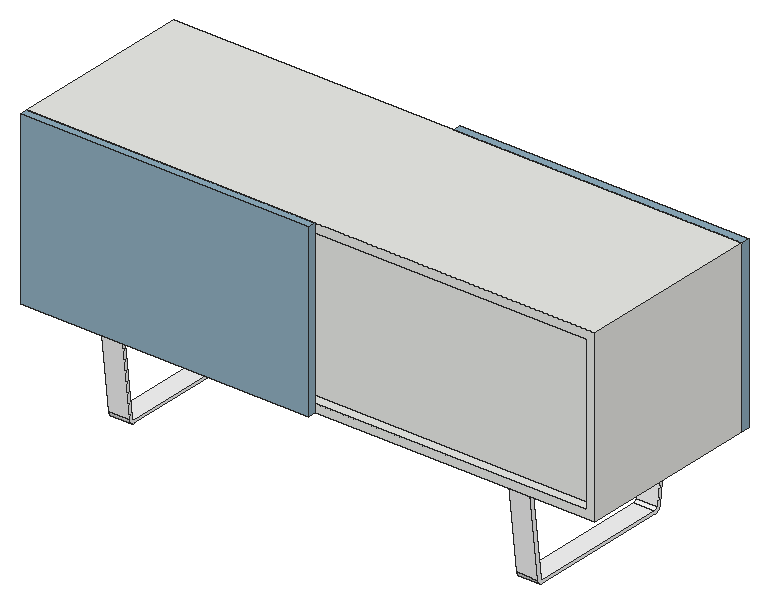
Revit family "Storage-Mounted-Teknion-JNMELF-Overlay_Sliding_Fabric_Door-R2018", category Furniture, Revit 2018
Family settings
  OmniClass Number = 23.40.20.00
  OmniClass Title = General Furniture and Specialties
  Work Plane-Based = No
  Always vertical = Yes
  Cut with Voids When Loaded = No
  Shared = Yes
  Room Calculation Point = No
Parameters (values of type "Shared")
  Width [instance] = 48.000"
  Warranty = "http://www.teknion.com/ca/papers/legal-canada"
  Unit Weight URL = "http://www.teknion.com/ca/tools/assets#&asset=bee6a381-b954-425e-8283-5a2de3a804f2,f828d448-4b62-4231-9e5f-9a8991c0ed77"
  URL = "www.teknion.com"
  Sustainability Data = "http://www.teknion.com/ca/tools/assets#&topic=216f99a5-57a0-44fc-b10a-9dee9b29ae4c&asset=444deb64-fe58-4b68-981e-f75e97781df7"
  Support Frame Finish [instance] = Mica - Teknion - V - Satin - Very White
  Single-Sided - Two Doors = no
  Single-Sided - Two Doors Lock Hole Depth = if([Single-Sided - Two Doors], 4.534", 2.500")  # 2.500"
  Single-Sided - One Door = no
  Single Cutout Offset Top [instance] = if(not(Shared), 13.659", 16.360")  # 16.360"
  Single Cutout Offset [instance] = if(not(Shared), 12.958", 1.000")  # 1.000"
  Shared Cutout Offset Top [instance] = if(Shared, 13.659", 16.360")  # 13.659"
  Shared Cutout Offset [instance] = if(Shared, 12.958", 1.000")  # 12.958"
  Shared = if(or([Single-Sided - One Door], [Single-Sided - Two Doors]), 1 > 2, 1 < 2)  # yes
  Series = "Cityline"  # constant formula
  Pull Finish [instance] = Mica - Teknion - V - Satin - Very White
  Product Page URL = "https://www.teknion.com/ca/products/product-details?productlineid=9ad2a26e-8e7a-673b-a6c8-ff05004460c4"
  Product Line = "Cityline"  # constant formula
  Product Documentation Link = "https://www.teknion.com/pricing/expansion-cityline/pdfs/JNMELF_ppg.pdf"
  Part Number = "JNMELF"  # constant formula
  Overlay Door Frame Finish [instance] = Mica - Teknion - V - Satin - Very White
  Overlay Door Finish [instance] = Fabric - Teknion - Heather Tech - R258 - Clear Tech
  Single-Sided - Two Doors Hole Depth = if([Single-Sided - Two Doors], 17.810", if([Single-Sided - One Door], 17.810", 3.866"))  # 3.866"
  Model = "JNMELFA22_D_"
  Middle Divider Offset [instance] = if([Single-Sided - One Door], 0.866", 1.578")  # 1.578"
  Manufacturer Phone = "416-661-3370"  # constant formula
  Manufacturer Fax = "416.661.4586"  # constant formula
  Manufacturer Contact Information = "http://www.teknion.com/ca/contactus"
  Manufacturer Address = "1150 Flint Road, Toronto, ON. M3J 2J5. Canada"  # constant formula
  Manufacturer = "Teknion"  # constant formula
  Left Door Hole Depth = if(Shared, 18.511", if([Single-Sided - One Door], 17.810", 17.810"))  # 18.511"
  Description = "Elevated Cabinet – Overlay Sliding Door – Fabric, Angled, for Datum Height 51\", Shared"
  Case and Inset Door Finish [instance] = Laminate - Teknion - RV - Very White
  Back Face of Middle Divider Offset = if(Shared, 1.567", 0.701")  # 1.567"
  Available Widths [instance] = "48 to 84 inches in 6 inch increments."  # constant formula
  Assembly Code = "E2020200"
  2D Visibility for Right Door = or(Shared, [Single-Sided - Two Doors])  # yes
  2D Visibility for Back Gable = or([Single-Sided - One Door], [Single-Sided - Two Doors])  # no
Types (4): name | Single-Sided - Two Doors | Single-Sided - Two Doors Lock Hole Depth | Single-Sided - One Door | Single Cutout Offset Top | Single Cutout Offset | Shared Cutout Offset Top | Shared Cutout Offset | Shared | Single-Sided - Two Doors Hole Depth | Model | Middle Divider Offset | Left Door Hole Depth | Description | Back Face of Middle Divider Offset | 2D Visibility for Right Door | 2D Visibility for Back Gable
  (no name) | no | 2.500" | no | 16.360" | 1.000" | 13.659" | 12.958" | yes | 3.866" | "JNMELFA22_D_" | 1.578" | 18.511" | "Elevated Cabinet – Overlay Sliding Door – Fabric, Angled, for Datum Height 51\", Shared" | 1.567" | yes | no
  Shared | no | 2.500" | no | 16.360" | 1.000" | 13.659" | 12.958" | yes | 3.866" | "JNMELFA22_D_" | 1.578" | 18.511" | "Elevated Cabinet – Overlay Sliding Door – Fabric, Angled, for Datum Height 51\", Shared" | 1.567" | yes | no
  Single-Sided - One Door | no | 2.500" | yes | 13.659" | 12.958" | 16.360" | 1.000" | no | 17.810" | "JNMELFA22_O_" | 0.866" | 17.810" | "Elevated Cabinet – Overlay Sliding Door – Fabric, Angled, for Datum Height 51\", Single-Sided - One Door" | 0.701" | no | yes
  Single-Sided - Two Doors | yes | 4.534" | no | 13.659" | 12.958" | 16.360" | 1.000" | no | 17.810" | "JNMELFA22_T_" | 1.578" | 17.810" | "Elevated Cabinet – Overlay Sliding Door – Fabric, Angled, for Datum Height 51\", Single-Sided - Two Doors" | 0.701" | yes | yes
Reference planes (in)
  plane 1 "Center Front/Back": y = 0
  plane 2: z = 0
  plane 3 "Center Left/Right": x = 0
  plane 4 "Left": x = -24
  plane 5 "Right": x = 24
  plane 6 "Back": y = 7.75543
  plane 7 "Front": y = -7.75543
  plane 8 "Top": z = 50.83
  plane 9: x = -16.36417
  plane 10: x = -18.13583
  plane 11: x = 18.13583
  plane 12: x = 16.36417
  plane 13: x = -23.29921
  plane 14: x = 23.29921
  plane 15: y = -6.88943
  plane 16: y = -6.17765
  plane 17: y = 6.1885
  plane 18: y = 6.88928
  plane 19: x = 0.35039
  plane 20: x = -0.35039
  plane 21: y = -8.44536
  plane 22: y = 8.45621
  plane 23: z = 36.47
  plane 24: z = 29
  plane 25: z = 50.12921
  plane 26: z = 37.17079
  plane 27: y = -8.09103
  plane 28: y = 8.10188
  plane 29: z = 48.8615
  plane 30: z = 38.4385
  plane 31: y = -8.25638
  plane 32: y = -8.32725
  plane 33: y = 8.26721
  plane 34: y = 8.3381
  plane 35: z = 50.12921
  plane 36: y = -10.75543
  plane 37: y = -6.23195
  plane 38: y = -6.38234
  plane 39: z = 50.129
  plane 40: z = 37.171
  plane 41: y = -6.17743
  plane 42: z = 52.83
  plane 43: z = 51.83
Forms (in)
  Extrusion 1, solid, material "Mica - Teknion - V - Satin - Very White" <- "Support Frame Finish"
    sketch origin (-18.13583, -7.29566, 48) x (0, -1, 0) y (0, 0, 1)
      loop
        line (0, -11.53) -> (-14.60218, -11.53) -> (-13.7374, -18.57303)
        arc (-13.7374, -18.57303) -> (-13.57699, -18.87794) -> (-13.25481, -19) r 0.48622
        line (-13.25481, -19) -> (-1.34737, -19)
        arc (-1.34737, -19) -> (-1.02519, -18.87794) -> (-0.86478, -18.57303) r 0.48622
        line (-0.86478, -18.57303) -> (0, -11.53)
      loop
        line (-14.3358, -11.64811) -> (-13.49075, -18.53047)
        arc (-13.49075, -18.53047) -> (-13.40827, -18.68724) -> (-13.24262, -18.75) r 0.25
        line (-13.24262, -18.75) -> (-1.35956, -18.75)
        arc (-1.35956, -18.75) -> (-1.19391, -18.68724) -> (-1.11143, -18.53047) r 0.25
        line (-1.11143, -18.53047) -> (-0.26638, -11.64811) -> (-14.3358, -11.64811)
    from 0 to -1.77165
  Extrusion 2, solid, material "Mica - Teknion - V - Satin - Very White" <- "Support Frame Finish"
    sketch origin (18.13583, -7.29566, 48) x (0, -1, 0) y (0, 0, 1)
      loop
        line (-13.24262, -18.75) -> (-1.35956, -18.75)
        arc (-1.35956, -18.75) -> (-1.19391, -18.68724) -> (-1.11143, -18.53047) r 0.25
        line (-1.11143, -18.53047) -> (-0.26638, -11.64811) -> (-14.3358, -11.64811) -> (-13.49075, -18.53047)
        arc (-13.49075, -18.53047) -> (-13.40827, -18.68724) -> (-13.24262, -18.75) r 0.25
      loop
        line (0, -11.53) -> (-14.60218, -11.53) -> (-13.7374, -18.57303)
        arc (-13.7374, -18.57303) -> (-13.57699, -18.87794) -> (-13.25481, -19) r 0.48622
        line (-13.25481, -19) -> (-1.34737, -19)
        arc (-1.34737, -19) -> (-1.02519, -18.87794) -> (-0.86478, -18.57303) r 0.48622
        line (-0.86478, -18.57303) -> (0, -11.53)
    from 0 to 1.77165
  Extrusion 3, solid, material "Laminate - Teknion - RV - Very White" <- "Case and Inset Door Finish"
    sketch origin (0, 0, 0) x (1, 0, 0) y (0, 1, 0)
      loop
        line (-24, 7.75543) -> (-24, -7.75543) -> (24, -7.75543) -> (24, 7.75543) -> (-24, 7.75543)
    from 36.47 to 50.83
  Extrusion 4, solid, material "Laminate - Teknion - RV - Very White" <- "Case and Inset Door Finish", visible <- "Shared"
    sketch origin (0, 0, 0) x (1, 0, 0) y (0, 1, 0)
      loop
        line (0.35039, 6.88928) -> (-23.29921, 6.88928) -> (-23.29921, 6.1885) -> (0.35039, 6.1885) -> (0.35039, 6.88928)
    from 37.17079 to 50.12921
  Extrusion 5, solid, material "Laminate - Teknion - RV - Very White" <- "Case and Inset Door Finish", visible <- "2D Visibility for Right Door"
    sketch origin (22.94882, -13.06693, 0) x (1, 0, 0) y (0, 1, 0)
      loop
        line (0.35039, 6.88928) -> (-23.29921, 6.88928) -> (-23.29921, 6.1775) -> (0.35039, 6.1775) -> (0.35039, 6.88928)
    from 37.17079 to 50.12921
  Extrusion 6, solid, material "Fabric - Teknion - Heather Tech - R258 - Clear Tech" <- "Overlay Door Finish"
    sketch origin (0, 0, 0) x (1, 0, 0) y (0, 0, 1)
      loop
        line (-24, 50.83) -> (-24, 36.47) -> (0.35039, 36.47) -> (0.35039, 50.83) -> (-24, 50.83)
    from 8.44536 to 7.75543
  Extrusion 7, solid, material "Fabric - Teknion - Heather Tech - R258 - Clear Tech" <- "Overlay Door Finish", visible <- "Shared"
    sketch origin (0, 0, 0) x (-1, 0, 0) y (0, 0, 1)
      loop
        line (-24, 50.83) -> (-24, 36.47) -> (0.35039, 36.47) -> (0.35039, 50.83) -> (-24, 50.83)
    from 8.45621 to 7.75543
  Extrusion 8, void
    sketch origin (23.29921, -10.75543, 48) x (-1, 0, 0) y (0, 0, 1)
      loop
        circle (1.24931, -4.35165) r 0.515
    from 0 to 2.5
  Extrusion 9, solid, material "Mica - Teknion - V - Satin - Very White" <- "Pull Finish", visible <- "Single-Sided - Two Doors"
    sketch origin (23.29921, -10.75543, 48) x (1, 0, 0) y (0, 0, 1)
      loop
        circle (-1.24931, -4.35165) r 0.515
      loop
        circle (-1.24931, -4.35165) r 0.44
    from -4.52348 to -3.866
  Extrusion 10, solid, material "Mica - Teknion - V - Satin - Very White" <- "Pull Finish", visible <- "Single-Sided - Two Doors"
    sketch origin (23.29921, -10.75543, 48) x (1, 0, 0) y (0, 0, 1)
      loop
        circle (-1.24931, -4.35165) r 0.44
    from -4.52348 to -4.37309
  Extrusion 11, void
    sketch origin (0, 0, 0) x (1, 0, 0) y (0, 1, 0)
      loop
        line (0.35039, 6.1885) -> (-0.35039, 6.1885) -> (-0.35039, -6.17765) -> (0.35039, -6.17765) -> (0.35039, 6.1885)
      loop
        line (23.29921, 7.75543) -> (-23.29921, 7.75543) -> (-23.29921, -7.75543) -> (23.29921, -7.75543) -> (23.29921, 7.75543)
    from 37.171 to 50.129
  Extrusion 12, void
    sketch origin (0, 0, 0) x (1, 0, 0) y (0, 1, 0)
      loop
        line (-23.29921, 6.88928) -> (-23.29921, -10.75543) -> (23.29921, -10.75543) -> (23.29921, 6.88928) -> (0.35039, 6.88928) -> (0.35039, -6.17743) -> (-0.35039, -6.17743) -> (-0.35039, 6.88928) -> (-23.29921, 6.88928)
    from 51.83 to 52.83
Cuts and joins
  Extrusion 8 cuts Extrusion 5
  Extrusion 8, Extrusion 11, Extrusion 12 cuts Extrusion 3
Lines and regions (in)
  Masking region 1
    outline origin (0, 0, 0) x (1, 0, 0) y (0, 1, 0)
      loop
        line (-24, 7.75543) -> (-24, -7.75543) -> (24, -7.75543) -> (24, 7.75543) -> (-24, 7.75543)
  Masking region 2, visible <- "Shared"
    outline origin (0, 0, 0) x (1, 0, 0) y (0, 1, 0)
      loop
        line (24, 8.45621) -> (-0.35039, 8.45621) -> (-0.35039, 7.75543) -> (24, 7.75543) -> (24, 8.45621)
  Masking region 3
    outline origin (0, 0, 0) x (1, 0, 0) y (0, 1, 0)
      loop
        line (-24, -7.75543) -> (-24, -8.44536) -> (0.35039, -8.44536) -> (0.35039, -7.75543) -> (-24, -7.75543)
  symbolic lines, style "FurnitureHiddenLines", detail levels medium+fine
    curve 1: line (-18.13583, 7.30652, 0) -> (-18.13583, -7.29566, 0)
    curve 2: line (-16.36417, -7.29566, 0) -> (-16.36417, 7.30652, 0)
    curve 3: line (-18.13583, 7.30652, 0) -> (-16.36417, 7.30652, 0)
    curve 4: line (-16.36417, -7.29566, 0) -> (-18.13583, -7.29566, 0)
    curve 5: line (18.13583, -7.29566, 0) -> (18.13583, 7.30652, 0)
    curve 6: line (18.13583, 7.30652, 0) -> (16.36417, 7.30652, 0)
    curve 7: line (16.36417, 7.30652, 0) -> (16.36417, -7.29566, 0)
    curve 8: line (18.13583, -7.29566, 0) -> (16.36417, -7.29566, 0)
    curve 17: line (-23.29921, 7.75543, 0) -> (-23.29921, -7.74457, 0)
    curve 18: line (23.29921, 7.75543, 0) -> (23.29921, -7.74457, 0)
    curve 19: line (0.35039, -6.17743, 0) -> (0.35039, 6.88928, 0)
    curve 20: line (0.35039, 6.88928, 0) -> (-0.35039, 6.88928, 0)
    curve 21: line (-0.35039, 6.88928, 0) -> (-0.35039, -6.17743, 0)
    curve 43: line (-0.35039, -6.17743, 0) -> (0.35039, -6.17743, 0)
  symbolic lines, style "FurnitureHiddenLines", visible <- "Shared", detail levels medium+fine
    curve 9: line (0.35039, 6.88928, 0) -> (-23.29921, 6.88928, 0)
    curve 10: line (-23.29921, 6.1885, 0) -> (0.35039, 6.1885, 0)
    curve 15: line (0.35039, 6.1885, 0) -> (0.35039, 6.88928, 0)
    curve 16: line (-23.29921, 6.88928, 0) -> (-23.29921, 6.1885, 0)
  symbolic lines, style "FurnitureHiddenLines", visible <- "2D Visibility for Right Door", detail levels medium+fine
    curve 11: line (23.29921, -6.17765, 0) -> (-0.35039, -6.17765, 0)
    curve 12: line (-0.35039, -6.88943, 0) -> (23.29921, -6.88943, 0)
    curve 13: line (23.29921, -6.88943, 0) -> (23.29921, -6.17765, 0)
    curve 14: line (-0.35039, -6.17765, 0) -> (-0.35039, -6.88943, 0)
  symbolic lines, style "FurnitureHiddenLines", visible <- "2D Visibility for Back Gable", detail levels medium+fine
    curve 22: line (23.29921, 6.88928, 0) -> (-23.29921, 6.88928, 0)
  symbolic lines, style "FurnitureHiddenLines", detail levels fine
    curve 23: line (-23.94094, -8.32725, 0) -> (0.29134, -8.32725, 0)
    curve 24: line (0.29134, -8.09103, 0) -> (-23.94094, -8.09103, 0)
    curve 25: line (0.29134, -7.75543, 0) -> (0.29134, -8.44536, 0)
    curve 26: line (-0.35039, -8.09103, 0) -> (-0.35039, -7.75543, 0)
    curve 27: line (-1.61811, -7.75543, 0) -> (-1.61811, -8.09103, 0)
    curve 28: line (-23.29921, -7.74457, 0) -> (-23.29921, -8.09103, 0)
    curve 29: line (-22.0315, -8.09103, 0) -> (-22.0315, -7.75543, 0)
    curve 30: line (-23.94094, -8.44536, 0) -> (-23.94094, -7.75543, 0)
  symbolic lines, style "FurnitureHiddenLines", visible <- "Single-Sided - Two Doors", detail levels fine
    curve 31: line (22.5649, -6.23195, 0) -> (21.5349, -6.23195, 0)
    curve 32: line (21.5349, -6.23195, 0) -> (21.5349, -6.88943, 0)
    curve 33: line (21.5349, -6.88943, 0) -> (22.5649, -6.88943, 0)
    curve 34: line (22.5649, -6.88943, 0) -> (22.5649, -6.23195, 0)
  symbolic lines, style "FurnitureHiddenLines", visible <- "Shared", detail levels fine
    curve 35: line (23.94094, 8.3381, 0) -> (-0.29134, 8.3381, 0)
    curve 36: line (-0.29134, 8.10188, 0) -> (23.94094, 8.10188, 0)
    curve 37: line (-0.29134, 7.75543, 0) -> (-0.29134, 8.45621, 0)
    curve 38: line (0.35039, 8.10188, 0) -> (0.35039, 7.75543, 0)
    curve 39: line (1.61811, 7.75543, 0) -> (1.61811, 8.10188, 0)
    curve 40: line (22.0315, 8.10188, 0) -> (22.0315, 7.75543, 0)
    curve 41: line (23.94094, 8.45621, 0) -> (23.94094, 7.75543, 0)
    curve 42: line (23.29921, 7.75543, 0) -> (23.29921, 8.10188, 0)
  reference lines, not visible
    curve 44: line (-24, 7.75543, 0) -> (-24, -7.75543, 0)
    curve 45: line (24, 7.75543, 0) -> (24, -7.75543, 0)
    curve 46: line (-24, -8.44536, 0) -> (0.35039, -8.44536, 0)
    curve 47: line (-24, -7.75543, 0) -> (24, -7.75543, 0)
    curve 48: line (-24, 7.75543, 0) -> (24, 7.75543, 0)
    curve 49: line (-0.35039, 8.45621, 0) -> (24, 8.45621, 0)
Dimensions and locks (in)
  "Width": plane 4 "Left" to plane 5 "Right"
  locked: plane 6 "Back" to plane 7 "Front" at 15.51085
  locked: plane 8 "Top" to level at 50.83
  equal spacing: plane 7 "Front", plane 1 "Center Front/Back", plane 6 "Back"
  equal spacing: plane 4 "Left", plane 3 "Center Left/Right", plane 5 "Right"
  plane 12 to plane 11 to plane 5 "Right" = 1.77165" locked, 5.86417" locked
  plane 4 "Left" to plane 10 to plane 9 = 5.86417" locked, 1.77165" locked
  locked: plane 4 "Left" to plane 13 at 0.70079
  locked: plane 14 to plane 5 "Right" at 0.70079
  plane 17 to plane 18 to plane 6 "Back" = 0.70079" locked, 0.86614" locked
  plane 20 to plane 3 "Center Left/Right" to plane 19 = 0.35039" locked, 0.35039" locked
  plane 7 "Front" to plane 15 to plane 16 = 0.866", 0.71178"
  locked: plane 7 "Front" to plane 21 at 0.68994
  locked: plane 22 to plane 6 "Back" at 0.70079
  locked: plane 8 "Top" to plane 23 at 14.36
  locked: plane 23 to plane 24 at 7.47
  Extrusion 1 sketch curve to Extrusion 1 sketch curve to Extrusion 1 sketch curve to plane 1 "Center Front/Back" to Extrusion 1 sketch curve to Extrusion 1 sketch curve to Extrusion 1 sketch curve to Extrusion 1 sketch curve = 1.34737", 0.01219", 5.94695", 5.9361", 0.01219", 1.08099", 0.26638"
  locked: plane 23 to Extrusion 1 sketch curve at 0.11811
  Extrusion 2 sketch curve to Extrusion 2 sketch curve to Extrusion 2 sketch curve to Extrusion 2 sketch curve to plane 1 "Center Front/Back" to Extrusion 2 sketch curve to Extrusion 2 sketch curve to Extrusion 2 sketch curve to Extrusion 2 sketch curve = 0.26638", 1.08099", 0.01219", 5.9361", 5.94695", 0.01219", 1.08099", 0.26638"
  locked: plane 23 to Extrusion 2 sketch curve at 0.11811
  Extrusion 2 sketch curve to Extrusion 2 sketch curve to Extrusion 2 sketch curve to Extrusion 2 sketch curve to plane 24 = 0.000" locked, 0.01378" locked, 0.000" locked, 0.48622" locked
  locked: plane 8 "Top" to plane 25 at 0.70079
  locked: plane 26 to plane 23 at 0.70079
  locked: plane 27 to plane 21 at 0.35433
  locked: plane 30 to plane 23 at 1.9685
  locked: plane 8 "Top" to plane 29 at 1.9685
  locked: plane 31 to plane 21 at 0.18898
  locked: plane 31 to plane 32 at 0.07087
  plane 22 to plane 34 to plane 33 = 0.11811" locked, 0.07089" locked
  locked: plane 8 "Top" to plane 35 at 0.70079
  locked: plane 36 to plane 7 "Front" at 3
  locked: Extrusion 8 sketch curve to plane 5 "Right" at 1.9501
  locked: plane 8 "Top" to Extrusion 8 sketch curve at 7.18165
  plane 15 to plane 38 to plane 37 = 0.50709" locked, 0.15039" locked
  locked: Extrusion 9 sketch curve to plane 5 "Right" at 1.9501
  locked: plane 8 "Top" to Extrusion 9 sketch curve at 7.18165
  "Single-Sided - Two Doors Lock Hole Depth": plane 36 to Extrusion 8
  "Shared Cutout Offset Top": plane 39 to plane 23
  "Shared Cutout Offset": plane 39 to plane 40
  "Single Cutout Offset Top": plane 42 to plane 23
  "Single Cutout Offset": plane 42 to plane 43
  "Middle Divider Offset": plane 7 "Front" to plane 41
  aligned and locked: level to plane 2
  aligned and locked: Extrusion 1 to plane 9
  aligned and locked: plane 10 to Extrusion 1
  aligned and locked: plane 23 to Extrusion 2 sketch curve
  aligned and locked: Extrusion 2 sketch curve to plane 24
  aligned and locked: plane 12 to Extrusion 2
  aligned and locked: Extrusion 2 to plane 11
  aligned and locked: Extrusion 3 sketch curve to plane 6 "Back"
  aligned and locked: Extrusion 3 sketch curve to plane 7 "Front"
  aligned and locked: Extrusion 3 sketch curve to plane 4 "Left"
  aligned and locked: Extrusion 3 sketch curve to plane 5 "Right"
  aligned and locked: plane 8 "Top" to Extrusion 3
  aligned and locked: Extrusion 3 to plane 23
  aligned and locked: Extrusion 4 sketch curve to plane 18
  aligned and locked: Extrusion 4 sketch curve to plane 17
  aligned and locked: Extrusion 4 sketch curve to plane 19
  aligned and locked: Extrusion 4 sketch curve to plane 13
  aligned and locked: plane 25 to Extrusion 4
  aligned and locked: Extrusion 4 to plane 26
  aligned and locked: Extrusion 5 to plane 20
  aligned and locked: Extrusion 5 to plane 14
  aligned and locked: Extrusion 5 to plane 16
  aligned and locked: plane 15 to Extrusion 5
  aligned and locked: Extrusion 6 sketch curve to plane 4 "Left"
  aligned and locked: Extrusion 6 sketch curve to plane 8 "Top"
  aligned and locked: Extrusion 6 sketch curve to plane 19
  aligned and locked: Extrusion 6 sketch curve to plane 23
  aligned and locked: plane 21 to Extrusion 6
  aligned and locked: Extrusion 6 to plane 7 "Front"
  aligned and locked: Extrusion 7 to plane 22
  aligned and locked: Extrusion 7 to plane 6 "Back"
  aligned and locked: plane 5 "Right" to Extrusion 7 sketch curve
  aligned and locked: plane 8 "Top" to Extrusion 7 sketch curve
  aligned and locked: Extrusion 7 sketch curve to plane 20
  aligned and locked: plane 23 to Extrusion 7 sketch curve
  aligned and locked: cut or joined group of Extrusion 5, Extrusion 8 to plane 26
  aligned and locked: plane 25 to cut or joined group of Extrusion 5, Extrusion 8
  aligned and locked: Extrusion 9 to plane 37
  aligned and locked: plane 15 to Extrusion 9
  aligned and locked: Extrusion 10 sketch curve to Extrusion 9  (x2)
  aligned and locked: Extrusion 10 to plane 37
  aligned and locked: Extrusion 10 to plane 38
  aligned and locked: Masking region 1 sketch curve to plane 6 "Back"
  aligned and locked: Masking region 1 sketch curve to plane 4 "Left"
  aligned and locked: Masking region 1 sketch curve to plane 7 "Front"
  aligned and locked: Masking region 1 sketch curve to plane 5 "Right"
  aligned and locked: Masking region 2 sketch curve to plane 5 "Right"
  aligned and locked: Masking region 2 sketch curve to plane 22
  aligned and locked: Masking region 2 sketch curve to plane 6 "Back"
  aligned and locked: Masking region 2 sketch curve to plane 20
  aligned and locked: plane 4 "Left" to Masking region 3 sketch curve
  aligned and locked: Masking region 3 sketch curve to plane 7 "Front"
  aligned and locked: Masking region 3 sketch curve to plane 21
  aligned and locked: plane 19 to Masking region 3 sketch curve
  aligned and locked: curve 1 to Extrusion 1
  aligned and locked: curve 2 to Extrusion 1
  aligned and locked: curve 3 to Extrusion 1
  aligned and locked: curve 4 to Extrusion 1
  aligned and locked: curve 5 to Extrusion 2
  aligned and locked: curve 6 to Extrusion 2
  aligned and locked: curve 7 to Extrusion 2
  aligned and locked: curve 8 to Extrusion 2
  aligned and locked: curve 10 to Extrusion 4
  aligned and locked: curve 11 to cut or joined group of Extrusion 5, Extrusion 8
  aligned and locked: curve 12 to cut or joined group of Extrusion 5, Extrusion 8
  aligned and locked: curve 13 to cut or joined group of Extrusion 5, Extrusion 8
  aligned and locked: curve 14 to cut or joined group of Extrusion 5, Extrusion 8
  aligned and locked: curve 15 to Extrusion 4
  aligned and locked: curve 16 to Extrusion 4
  aligned and locked: curve 17 to plane 13
  aligned and locked: curve 18 to plane 14
  aligned and locked: curve 31 to Extrusion 9
  aligned and locked: curve 32 to Extrusion 9
  aligned and locked: curve 34 to Extrusion 9
  aligned and locked: plane 15 to curve 33
  aligned and locked: Extrusion 11 sketch curve to plane 17
  aligned and locked: Extrusion 11 sketch curve to plane 19
  aligned and locked: plane 14 to Extrusion 11 sketch curve
  aligned and locked: Extrusion 11 sketch curve to plane 6 "Back"
  aligned and locked: Extrusion 11 to plane 40
  aligned and locked: plane 39 to Extrusion 11
  aligned and locked: Extrusion 11 sketch curve to plane 13
  aligned and locked: plane 7 "Front" to Extrusion 11 sketch curve
  aligned and locked: Extrusion 11 sketch curve to plane 20
  aligned and locked: Extrusion 11 sketch curve to plane 16
  aligned and locked: Extrusion 12 sketch curve to plane 13
  aligned and locked: Extrusion 12 sketch curve to plane 18  (x2)
  aligned and locked: Extrusion 12 sketch curve to plane 20
  aligned and locked: Extrusion 12 sketch curve to plane 41
  aligned and locked: Extrusion 12 sketch curve to plane 19
  aligned and locked: Extrusion 12 sketch curve to plane 36
  aligned and locked: plane 14 to Extrusion 12 sketch curve
  aligned and locked: Extrusion 12 to plane 43
  aligned and locked: plane 42 to Extrusion 12
  aligned and locked: curve 43 to plane 41
  aligned and locked: curve 44 to plane 4 "Left"
  aligned and locked: curve 45 to plane 5 "Right"
  aligned and locked: curve 46 to plane 21
  aligned and locked: curve 47 to plane 7 "Front"
  aligned and locked: curve 48 to plane 6 "Back"
  aligned and locked: curve 49 to plane 22
  aligned and locked: curve 22 to plane 18
  aligned and locked: curve 20 to plane 18
Automatic sketch dimensions
  Extrusion 1 sketch curve to plane 24 = 0.000"
  Extrusion 1 sketch curve to plane 23 = 0.000"
  Extrusion 1 sketch curve to plane 18 = 0.15085"
  Extrusion 1 sketch curve to plane 17 = 0.25324"
  Extrusion 1 sketch curve to plane 17 = 0.00659"
  plane 16 to Extrusion 1 sketch curve = 0.00659"
  Extrusion 1 sketch curve to Extrusion 1 sketch curve = 0.24665"
  plane 24 to Extrusion 1 sketch curve = 0.250"
  plane 24 to Extrusion 1 sketch curve = 0.42697"  (x2)
  Extrusion 1 sketch curve to Extrusion 1 sketch curve = 0.01669"  (x2)
  Extrusion 2 sketch curve to plane 17 = 0.25324"
  Extrusion 2 sketch curve to plane 17 = 0.00659"
  plane 16 to Extrusion 2 sketch curve = 0.00659"
  Extrusion 2 sketch curve to Extrusion 2 sketch curve = 0.24665"
  Extrusion 2 sketch curve to Extrusion 2 sketch curve = 0.23622"
  Extrusion 5 sketch curve to plane 16 = 0.000"
  Extrusion 5 sketch curve to plane 20 = 0.000"
  Extrusion 5 sketch curve to plane 14 = 0.000"
  plane 15 to Extrusion 5 sketch curve = 0.000"
  Extrusion 9 sketch curve to Extrusion 9 sketch curve = 0.000"  (x2)
  curve 46 to plane 4 "Left" = 0.000"
  curve 46 to plane 19 = 0.000"
  curve 49 to plane 20 = 0.000"
  curve 49 to plane 5 "Right" = 0.000"
  plane 7 "Front" to curve 30 = 0.000"
  curve 30 to plane 21 = 0.000"
  plane 7 "Front" to curve 29 = 0.000"
  plane 7 "Front" to curve 27 = 0.000"
  plane 7 "Front" to curve 26 = 0.000"
  curve 26 to plane 20 = 0.000"
  curve 43 to plane 20 = 0.000"
  curve 37 to plane 6 "Back" = 0.000"
  plane 22 to curve 37 = 0.000"
  plane 7 "Front" to curve 25 = 0.000"
  curve 25 to plane 21 = 0.000"
  curve 38 to plane 19 = 0.000"
  plane 22 to curve 41 = 0.000"
  curve 41 to plane 6 "Back" = 0.000"
  curve 17 to plane 6 "Back" = 0.000"
  curve 42 to plane 6 "Back" = 0.000"
  curve 40 to plane 6 "Back" = 0.000"
  curve 39 to plane 6 "Back" = 0.000"
  curve 38 to plane 6 "Back" = 0.000"
  curve 28 to plane 7 "Front" = 0.01085"
  plane 4 "Left" to curve 30 = 0.05906"
  plane 13 to curve 29 = 1.26772"
  curve 27 to plane 20 = 1.26772"
  plane 20 to curve 36 = 0.05906"
  curve 23 to plane 19 = 0.05906"
  plane 5 "Right" to curve 36 = 0.05906"
  curve 18 to plane 7 "Front" = 0.01085"
  curve 27 to plane 27 = 0.000"
  curve 23 to plane 32 = 0.000"
  curve 35 to plane 34 = 0.000"
  plane 28 to curve 38 = 0.000"
  plane 19 to curve 39 = 1.26772"
  curve 40 to curve 42 = 1.26772"
  radius of Extrusion 8 sketch curve = 0.515"
  radius of Extrusion 9 sketch curve = 0.515"
  radius of Extrusion 9 sketch curve = 0.440"
